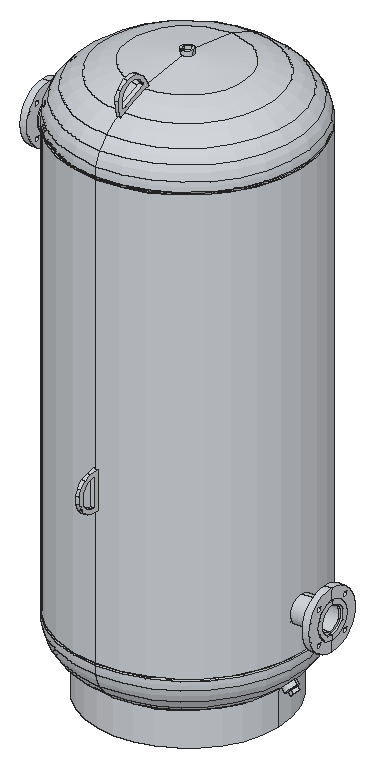
Revit family "HBT-120-3", category Generic Models, Revit 2014
Parameters (values of type "HBT-210-3")
  URL = "http://westank.com/"
  Tank Volume = 210.00 gal
  Part Number = 55622100
  Model = "HBT-210-3"
  Maximum Shipping Weight = 458 lbf
  Flange Connector Diameter = 3"
  F = 24"
  E = 15"
  Description = "Wessels ASME 2-Port Hot Water Buffer Tanks (HBT) are designed for use with today’s high efficiency systems that incorporate small modular low-mass boiler."
  D = 13 1/2"
  C = 38"
  B = 75"
  A = 30"
Reference planes (in)
  plane 1 "Center (Front/Back)": y = 0
  plane 2: z = 0
  plane 3 "Center (Left/Right)": x = 0
  plane 4: through (12.55282, -180, 5.24135) normal (0.8192, 0, -0.5736)
  plane 5: x = -15
  plane 6: x = 15
  plane 7: z = 0
  plane 8: y = 15
  plane 9: y = -15
  plane 10: x = -12
  plane 11: x = 12
  plane 12: z = 75
  plane 13: x = -19
  plane 14: x = 19
  plane 15: z = 15
  plane 16: z = 61.5
Forms (in)
  Revolve 1, solid
    sketch origin (0, -0.02461, 0) x (0, 1, 0) y (0, 0, 1)
      loop
        line (-14.97539, 9.87397) -> (-14.812, 9.87397)
        arc (-14.812, 9.87397) -> (-14.83596, 9.78454) -> (-14.90143, 9.71907) r 0.17887
        arc (-14.90143, 9.71907) -> (-14.94991, 9.64836) -> (-14.97579, 9.56662) r 0.29232
        arc (-14.97579, 9.56662) -> (-14.96586, 8.98455) -> (-14.89468, 8.40676) r 5.51955
        arc (-14.89468, 8.40676) -> (-14.65184, 7.56116) -> (-14.23912, 6.78419) r 4.22443
        arc (-14.23912, 6.78419) -> (-13.71208, 6.0842) -> (-13.11424, 5.44361) r 8.30764
        arc (-13.11424, 5.44361) -> (-11.99363, 4.5369) -> (-10.73315, 3.83755) r 8.30764
        arc (-10.73315, 3.83755) -> (-9.02248, 3.06195) -> (-7.23223, 2.49367) r 15.88746
        arc (-7.23223, 2.49367) -> (-3.63165, 1.79117) -> (0.02461, 1.49214) r 33.04234
        line (0.02461, 1.49214) -> (0.02461, 1.66407)
        arc (0.02461, 1.66407) -> (-3.61037, 1.96174) -> (-7.19, 2.66027) r 32.87047
        arc (-7.19, 2.66027) -> (-8.96351, 3.22342) -> (-10.65802, 3.99223) r 15.71558
        arc (-10.65802, 3.99223) -> (-11.8952, 4.67783) -> (-12.99495, 5.56734) r 8.13577
        arc (-12.99495, 5.56734) -> (-13.58042, 6.19468) -> (-14.09655, 6.88019) r 8.13577
        arc (-14.09655, 6.88019) -> (-14.49248, 7.62554) -> (-14.72544, 8.43674) r 4.05256
        arc (-14.72544, 8.43674) -> (-14.79395, 8.9901) -> (-14.80447, 9.54759) r 5.34767
        arc (-14.80447, 9.54759) -> (-14.7971, 9.56945) -> (-14.78569, 9.5895) r 0.12044
        arc (-14.78569, 9.5895) -> (-14.67439, 9.72277) -> (-14.64064, 9.89308) r 0.35074
        line (-14.64064, 9.89308) -> (-14.84715, 9.89308) -> (-14.84715, 66.61189) -> (-14.64151, 66.61189)
        arc (-14.64151, 66.61189) -> (-14.67184, 66.78882) -> (-14.78573, 66.92758) r 0.35074
        arc (-14.78573, 66.92758) -> (-14.79712, 66.94763) -> (-14.80449, 66.96948) r 0.12045
        arc (-14.80449, 66.96948) -> (-14.79397, 67.52697) -> (-14.72546, 68.08033) r 5.34768
        arc (-14.72546, 68.08033) -> (-14.4925, 68.89153) -> (-14.09657, 69.63689) r 4.05257
        arc (-14.09657, 69.63689) -> (-13.58043, 70.3224) -> (-12.99497, 70.94973) r 8.13578
        arc (-12.99497, 70.94973) -> (-11.89524, 71.83924) -> (-10.65807, 72.52483) r 8.13578
        arc (-10.65807, 72.52483) -> (-8.96355, 73.29364) -> (-7.19005, 73.85678) r 15.71558
        arc (-7.19005, 73.85678) -> (-3.61055, 74.55529) -> (0.02429, 74.85297) r 32.87045
        line (0.02429, 74.85297) -> (0.02429, 75.02671)
        arc (0.02429, 75.02671) -> (-3.63245, 74.72766) -> (-7.2335, 74.02507) r 33.04334
        arc (-7.2335, 74.02507) -> (-9.02402, 73.45667) -> (-10.73493, 72.68092) r 15.88853
        arc (-10.73493, 72.68092) -> (-11.99625, 71.98117) -> (-13.11754, 71.07383) r 8.30893
        arc (-13.11754, 71.07383) -> (-13.7162, 70.43239) -> (-14.24389, 69.7314) r 8.30923
        arc (-14.24389, 69.7314) -> (-14.65697, 68.95395) -> (-14.90005, 68.1078) r 4.22701
        arc (-14.90005, 68.1078) -> (-14.97148, 67.52727) -> (-14.98111, 66.94244) r 5.52257
        arc (-14.98111, 66.94244) -> (-14.95423, 66.85606) -> (-14.90267, 66.78173) r 0.29803
        arc (-14.90267, 66.78173) -> (-14.837, 66.7147) -> (-14.81302, 66.62397) r 0.18362
        line (-14.81302, 66.62397) -> (-14.97539, 66.62397) -> (-14.97539, 9.87397)
      axis (0.02461, 1.49214) -> (0.02461, 75.02671)
    angle from 0 to 360
  Revolve 2, solid
    sketch origin (0.00085, 0, 46.99877) x (-1, 0, 0) y (0, 0, 1)
      loop
        line (17.81367, 12.75376) -> (17.81367, 12.37446) -> (18.06367, 12.37446) -> (18.06367, 10.7502) -> (18.9375, 10.7502) -> (18.9375, 12.18553) -> (19, 12.18553) -> (19, 12.75376) -> (17.81367, 12.75376)
      axis (19, 14.50013) -> (17.81367, 14.50013)
    angle from 0 to 360
  Revolve 3, solid
    sketch origin (-1.82085, 0, 2.88409) x (0.981353, 0, -0.192215) y (0.192215, 0, 0.981353)
      loop
        line (14.71753, 6.11956) -> (14.66586, 6.1556) -> (14.25436, 5.56561) -> (14.86992, 5.13627) -> (15.24588, 5.6753) -> (15.19462, 5.71106) -> (15.31904, 5.88945) -> (14.80641, 6.24699) -> (14.71753, 6.11956)
      axis (14.25436, 5.56561) -> (14.86992, 5.13627)
    angle from 0 to 360
  Extrusion 4, solid
    sketch origin (13.38203, -180, 6.13049) x (0.718765, 0, 0.695254) y (0, -1, 0)
      loop
        line (-0.16036, -179.52645) -> (-0.95521, -179.68698) -> (-0.79485, -180.48095) -> (0, -180.32042) -> (-0.16036, -179.52645)
    from 1.02698 to 1.52678
  Extrusion 5, solid
    sketch origin (0, -3.06035, 6.47257) x (0, 1, 0) y (0, 0, 1)
      loop
        line (-11.93439, 21.33067) -> (-11.93439, 26.202)
        arc (-11.93439, 26.202) -> (-12.47846, 26.15164) -> (-13.01533, 26.05008) r 5.77422
        arc (-13.01533, 26.05008) -> (-13.49297, 25.89754) -> (-13.94252, 25.67548) r 3.35288
        arc (-13.94252, 25.67548) -> (-14.34081, 25.36666) -> (-14.64962, 24.96837) r 2.0073
        arc (-14.64962, 24.96837) -> (-14.80343, 24.58932) -> (-14.88788, 24.18906) r 2.30742
        arc (-14.88788, 24.18906) -> (-14.91277, 23.77188) -> (-14.88788, 23.3547) r 3.50846
        arc (-14.88788, 23.3547) -> (-14.79412, 22.92876) -> (-14.61961, 22.52904) r 2.24053
        arc (-14.61961, 22.52904) -> (-14.27401, 22.08806) -> (-13.80999, 21.77406) r 1.8078
        arc (-13.80999, 21.77406) -> (-13.34321, 21.55591) -> (-12.84107, 21.44044) r 2.44481
        arc (-12.84107, 21.44044) -> (-12.39043, 21.36326) -> (-11.93439, 21.33067) r 4.65484
      loop
        arc (-12.44611, 25.63929) -> (-12.67227, 25.60073) -> (-12.89654, 25.55235) r 5.2625
        arc (-12.89654, 25.55235) -> (-13.30128, 25.42308) -> (-13.68221, 25.23491) r 2.84116
        arc (-13.68221, 25.23491) -> (-13.97364, 25.01013) -> (-14.20134, 24.72098) r 1.49558
        arc (-14.20134, 24.72098) -> (-14.3163, 24.43235) -> (-14.37979, 24.12821) r 1.7957
        arc (-14.37979, 24.12821) -> (-14.40106, 23.77188) -> (-14.37979, 23.41555) r 2.99674
        arc (-14.37979, 23.41555) -> (-14.30745, 23.08689) -> (-14.17279, 22.77846) r 1.72881
        arc (-14.17279, 22.77846) -> (-13.91552, 22.45353) -> (-13.56884, 22.22643) r 1.29608
        arc (-13.56884, 22.22643) -> (-13.1779, 22.0402) -> (-12.75531, 21.94566) r 1.9331
        arc (-12.75531, 21.94566) -> (-12.60126, 21.91347) -> (-12.44611, 21.88716) r 4.14312
        line (-12.44611, 21.88716) -> (-12.44611, 25.63929)
    from -0.24366 to 0.25634
  Extrusion 6, solid
    sketch origin (0, -26.96034, 53.89612) x (0, 0.366501, -0.930418) y (0, 0.930418, 0.366501)
      loop
        arc (-12.0461, 25.71684) -> (-12.27227, 25.67827) -> (-12.49653, 25.62989) r 5.2625
        arc (-12.49653, 25.62989) -> (-12.90127, 25.50063) -> (-13.28221, 25.31246) r 2.84116
        arc (-13.28221, 25.31246) -> (-13.57363, 25.08767) -> (-13.80134, 24.79853) r 1.49558
        arc (-13.80134, 24.79853) -> (-13.9163, 24.50989) -> (-13.97979, 24.20576) r 1.7957
        arc (-13.97979, 24.20576) -> (-14.00105, 23.84943) -> (-13.97979, 23.4931) r 2.99674
        arc (-13.97979, 23.4931) -> (-13.90744, 23.16443) -> (-13.77279, 22.85601) r 1.72881
        arc (-13.77279, 22.85601) -> (-13.51552, 22.53108) -> (-13.16884, 22.30397) r 1.29608
        arc (-13.16884, 22.30397) -> (-12.77789, 22.11774) -> (-12.35531, 22.02321) r 1.9331
        arc (-12.35531, 22.02321) -> (-12.20126, 21.99102) -> (-12.0461, 21.9647) r 4.14312
        line (-12.0461, 21.9647) -> (-12.0461, 25.71684)
      loop
        line (-11.35288, 21.38896) -> (-11.35288, 26.23361)
        arc (-11.35288, 26.23361) -> (-12.2671, 26.20945) -> (-13.14349, 25.94808) r 3.48194
        arc (-13.14349, 25.94808) -> (-13.66357, 25.64991) -> (-14.11481, 25.25524) r 3.03185
        arc (-14.11481, 25.25524) -> (-14.39878, 24.60234) -> (-14.51622, 23.90011) r 2.91879
        arc (-14.51622, 23.90011) -> (-14.4511, 23.22451) -> (-14.20241, 22.59298) r 2.44012
        arc (-14.20241, 22.59298) -> (-13.8323, 22.13222) -> (-13.33474, 21.8133) r 1.83162
        arc (-13.33474, 21.8133) -> (-12.36478, 21.50319) -> (-11.35288, 21.38896) r 5.1769
    from -0.24366 to 0.25634
  Extrusion 7, solid
    sketch origin (0, 0, 3) x (1, 0, 0) y (0, 1, 0)
      loop
        circle (0, 0) r 0.75
      loop
        circle (0, 0) r 0.5
    from 71.36613 to 72.49354
  Extrusion 8, void
    sketch origin (0.00085, 0.13917, 47.41628) x (0, 1, 0) y (0, 0, -1)
      loop
        circle (1.95902, -16.21103) r 0.37532
      loop
        circle (2.0068, -11.95417) r 0.37532
      loop
        circle (-2.26242, -16.18597) r 0.37532
      loop
        circle (-2.23501, -11.97923) r 0.37532
    from 15.80097 to 20.25
  Extrusion 9, void
    sketch origin (0, 0, 0) x (1, 0, 0) y (0, 1, 0)
      loop
        circle (0, 0) r 0.5
    from 73.75623 to 76.19224
  Revolve 10, solid
    sketch origin (0, 0, 0) x (1, 0, 0) y (0, 0, 1)
      loop
        line (11.87609, 4.44941) -> (11.87609, 0) -> (12, 0) -> (12, 4.44941) -> (11.87609, 4.44941)
      axis (0, 4.44941) -> (0, 0)
    angle from 0 to 360
  Revolve 11, solid
    sketch origin (0.00085, 0, 46.99877) x (1, 0, 0) y (0, 0, 1)
      loop
        line (-14.37585, 12.96677) -> (-18.625, 12.96677) -> (-18.625, 12.74998) -> (-14.37585, 12.74998) -> (-14.37585, 12.96677)
      axis (-18.625, 14.50013) -> (-14.37585, 14.50013)
    angle from 0 to 360
  Extrusion 12, void
    sketch origin (0, 0, 0.75) x (0, 1, 0) y (0, 0, 1)
      loop
        circle (0, 14.25) r 1.53336
    from 9.02264 to 18.76515
  Revolve 13, solid
    sketch origin (0, 0, 0.49987) x (1, 0, 0) y (0, 0, 1)
      loop
        line (17.81367, 12.75376) -> (17.81367, 12.37446) -> (18.06367, 12.37446) -> (18.06367, 10.7502) -> (18.9375, 10.7502) -> (18.9375, 12.18553) -> (19, 12.18553) -> (19, 12.75376) -> (17.81367, 12.75376)
      axis (19, 14.50013) -> (17.81367, 14.50013)
    angle from 0 to 360
  Revolve 14, solid
    sketch origin (0, 0, 0.49987) x (-1, 0, 0) y (0, 0, 1)
      loop
        line (-14.37585, 12.96677) -> (-18.625, 12.96677) -> (-18.625, 12.74998) -> (-14.37585, 12.74998) -> (-14.37585, 12.96677)
      axis (-18.625, 14.50013) -> (-14.37585, 14.50013)
    angle from 0 to 360
  Extrusion 15, void
    sketch origin (0, 0, 0) x (0, 1, 0) y (0, 0, 1)
      loop
        circle (2.1264, 17.13304) r 0.37541
      loop
        circle (-2.14004, 17.13188) r 0.37062
      loop
        circle (-2.1373, 12.88615) r 0.35809
      loop
        circle (2.11492, 12.89404) r 0.36553
    from 14.37585 to 21.46755
  Extrusion 16, void
    sketch origin (-27, 0, 47.25) x (0, 1, 0) y (0, 0, 1)
      loop
        circle (0, 14.25) r 1.53336
    from 7.83757 to 18.76515
Cuts and joins
  joined: Extrusion 4, Extrusion 5, Extrusion 7
  Extrusion 8 cuts Revolve 2
  Extrusion 15 cuts Revolve 13
  Extrusion 16 cuts Revolve 14
  Extrusion 9, Extrusion 12, Extrusion 16 cuts Revolve 1
Dimensions and locks (in)
  equal spacing: plane 6, plane 3 "Center (Left/Right)", plane 5
  equal spacing: plane 8, plane 1 "Center (Front/Back)", plane 9
  "A": plane 8 to plane 9
  equal spacing: plane 11, plane 3 "Center (Left/Right)", plane 10
  "A": plane 6 to plane 5
  "F": plane 11 to plane 10
  "C": plane 14 to plane 13
  equal spacing: plane 14, plane 3 "Center (Left/Right)", plane 13
  "E": plane 15 to plane 7
  "D": plane 12 to plane 16
  "B": plane 12 to plane 7
  aligned and locked: plane 2 to level
  aligned and locked: Revolve 10 sketch curve to plane 3 "Center (Left/Right)"
Automatic sketch dimensions
  Revolve 1 sketch curve to Revolve 1 sketch curve = 0"  (x33)
  Revolve 1 sketch curve to plane 9 = 0"
  Revolve 1 sketch curve to plane 1 "Center (Front/Back)" = 0"  (x2)
  Revolve 1 sketch curve to Revolve 1 sketch curve = 0.01547"
  plane 9 to Revolve 1 sketch curve = 0.01547"
  Revolve 1 sketch curve to Revolve 1 sketch curve = 0.00578"
  Revolve 1 sketch curve to plane 9 = 0.12824"
  Revolve 1 sketch curve to Revolve 1 sketch curve = 0.03413"
  Revolve 1 sketch curve to Revolve 1 sketch curve = 9/256"
  Revolve 1 sketch curve to plane 9 = 0.28821"
  Revolve 1 sketch curve to plane 9 = 0.28822"
  Revolve 1 sketch curve to Revolve 1 sketch curve = 0.00078"
  Revolve 1 sketch curve to Revolve 1 sketch curve = 0.17151"
  Revolve 1 sketch curve to Revolve 1 sketch curve = 0.17135"
  Revolve 1 sketch curve to Revolve 1 sketch curve = 3.94929"
  Revolve 1 sketch curve to Revolve 1 sketch curve = 0.00287"
  Revolve 1 sketch curve to Revolve 1 sketch curve = 3.95216"
  Revolve 1 sketch curve to Revolve 1 sketch curve = 1.2728"
  Revolve 1 sketch curve to Revolve 1 sketch curve = 0.00246"
  Revolve 1 sketch curve to Revolve 1 sketch curve = 1.27526"
  Revolve 1 sketch curve to Revolve 1 sketch curve = 2.11145"
  Revolve 1 sketch curve to Revolve 1 sketch curve = 0.00084"
  Revolve 1 sketch curve to Revolve 1 sketch curve = 0.00187"
  Revolve 1 sketch curve to Revolve 1 sketch curve = 2.11171"
  plane 1 "Center (Front/Back)" to Revolve 1 sketch curve = 3.35442"
  Revolve 1 sketch curve to Revolve 1 sketch curve = 0.00082"
  plane 1 "Center (Front/Back)" to Revolve 1 sketch curve = 3.35353"
  plane 1 "Center (Front/Back)" to Revolve 1 sketch curve = 0.00031"
  Revolve 1 sketch curve to plane 1 "Center (Front/Back)" = 0.86039"
  Revolve 1 sketch curve to Revolve 1 sketch curve = 0.00067"
  Revolve 1 sketch curve to plane 1 "Center (Front/Back)" = 0.86116"
  level to Revolve 1 sketch curve = 1.49214"
  Revolve 1 sketch curve to Revolve 1 sketch curve = 0.17193"
  Revolve 1 sketch curve to plane 15 = 5.85634"
  Revolve 1 sketch curve to Revolve 1 sketch curve = 0.22592"
  Revolve 1 sketch curve to Revolve 1 sketch curve = 0.37656"
  Revolve 1 sketch curve to Revolve 1 sketch curve = 0.35376"
  Revolve 1 sketch curve to Revolve 1 sketch curve = 0.01911"  (x2)
  Revolve 1 sketch curve to Revolve 1 sketch curve = 2 7/128"
  plane 15 to Revolve 1 sketch curve = 2.89417"
  Revolve 1 sketch curve to Revolve 1 sketch curve = 16.62909"
  Revolve 1 sketch curve to Revolve 1 sketch curve = 7.47055"
  Revolve 1 sketch curve to Revolve 1 sketch curve = 0.00077"
  Revolve 1 sketch curve to plane 16 = 2.87712"
  Revolve 1 sketch curve to Revolve 1 sketch curve = 0.00068"
  plane 16 to Revolve 1 sketch curve = 3.59154"
  Revolve 1 sketch curve to Revolve 1 sketch curve = 0.00123"
  Revolve 1 sketch curve to Revolve 1 sketch curve = 0.00005"
  plane 16 to Revolve 1 sketch curve = 5.11189"
  Revolve 1 sketch curve to Revolve 1 sketch curve = 0.01209"
  Revolve 1 sketch curve to Revolve 1 sketch curve = 0.3749"
  Revolve 1 sketch curve to Revolve 1 sketch curve = 0.01007"
  Revolve 1 sketch curve to Revolve 1 sketch curve = 2.05124"
  Revolve 1 sketch curve to Revolve 1 sketch curve = 0.00348"
  Revolve 1 sketch curve to Revolve 1 sketch curve = 0.2261"
  Revolve 1 sketch curve to Revolve 1 sketch curve = 0.0033"
  Revolve 1 sketch curve to plane 12 = 0.14703"
  plane 12 to Revolve 1 sketch curve = 0.02671"
  plane 9 to Revolve 1 sketch curve = 0.0004"
  plane 9 to Revolve 1 sketch curve = 0.00572"
  Revolve 1 sketch curve to plane 9 = 0.07272"
  Revolve 1 sketch curve to plane 9 = 0.07396"
  Revolve 1 sketch curve to Revolve 1 sketch curve = 0.11808"
  Revolve 1 sketch curve to Revolve 1 sketch curve = 0.11729"
  Revolve 1 sketch curve to Revolve 1 sketch curve = 0.01876"
  Revolve 1 sketch curve to Revolve 1 sketch curve = 0.01878"
  Revolve 1 sketch curve to Revolve 1 sketch curve = 0.14732"
  Revolve 1 sketch curve to Revolve 1 sketch curve = 0.97903"
  Revolve 1 sketch curve to Revolve 1 sketch curve = 0.98231"
  Revolve 1 sketch curve to Revolve 1 sketch curve = 0.12257"
  Revolve 1 sketch curve to Revolve 1 sketch curve = 0.1193"
  Revolve 1 sketch curve to plane 12 = 2.31908"
  Revolve 1 sketch curve to Revolve 1 sketch curve = 2.26179"
  Revolve 1 sketch curve to Revolve 1 sketch curve = 0.07686"
  Revolve 1 sketch curve to Revolve 1 sketch curve = 0.07513"
  Revolve 1 sketch curve to Revolve 1 sketch curve = 5.63017"
  Revolve 1 sketch curve to Revolve 1 sketch curve = 1.88017"
  Revolve 2 sketch curve to plane 13 = 1.18718"
  Revolve 2 sketch curve to plane 13 = 0.93718"
  Revolve 2 sketch curve to plane 13 = 0.06335"
  Revolve 2 sketch curve to plane 13 = 0.00085"
  plane 16 to Revolve 2 sketch curve = 3.75103"
  Revolve 2 sketch curve to Revolve 2 sketch curve = 1.43534"
  Revolve 2 sketch curve to Revolve 2 sketch curve = 0.18892"
  Revolve 2 sketch curve to Revolve 2 sketch curve = 0.3793"
  plane 16 to Revolve 2 sketch curve = 0.0011"
  Revolve 2 sketch curve to plane 5 = 0.67006"
  Revolve 2 sketch curve to Revolve 2 sketch curve = 0.68278"
  plane 4 to Revolve 3 sketch curve = 0.35169"
  plane 11 to Revolve 3 sketch curve = 1.2375"
  Revolve 3 sketch curve to Revolve 3 sketch curve = 0.4115"
  Revolve 3 sketch curve to Revolve 3 sketch curve = 0.05167"
  Revolve 3 sketch curve to Revolve 3 sketch curve = 0.08888"
  Revolve 3 sketch curve to Revolve 3 sketch curve = 0.61556"
  Revolve 3 sketch curve to Revolve 3 sketch curve = 0.47709"
  Revolve 3 sketch curve to Revolve 3 sketch curve = 0.05126"
  Revolve 3 sketch curve to Revolve 3 sketch curve = 0.42934"
  Revolve 3 sketch curve to Revolve 3 sketch curve = 0.12768"
  Revolve 3 sketch curve to Revolve 3 sketch curve = 0"  (x2)
  Revolve 3 sketch curve to Revolve 3 sketch curve = 0.08905"
  plane 1 "Center (Front/Back)" to Extrusion 4 sketch curve = 0.31302"
  Extrusion 4 sketch curve to plane 1 "Center (Front/Back)" = 0.48095"
  Extrusion 4 sketch curve to Extrusion 4 sketch curve = 0.16036"  (x2)
  plane 1 "Center (Front/Back)" to Extrusion 4 sketch curve = 0.47355"
  Extrusion 4 sketch curve to Extrusion 4 sketch curve = 0.79485"
  Extrusion 4 sketch curve to plane 1 "Center (Front/Back)" = 0.32042"
  Extrusion 5 sketch curve to Extrusion 5 sketch curve = 0"  (x24)
  plane 9 to Extrusion 5 sketch curve = 1.10144"
  Extrusion 5 sketch curve to Extrusion 5 sketch curve = 0.11966"
  Extrusion 5 sketch curve to Extrusion 5 sketch curve = 0.25819"
  Extrusion 5 sketch curve to Extrusion 5 sketch curve = 17/256"
  Extrusion 5 sketch curve to Extrusion 5 sketch curve = 0.04958"
  plane 9 to Extrusion 5 sketch curve = 0.50646"
  plane 9 to Extrusion 5 sketch curve = 0.29731"
  Extrusion 5 sketch curve to plane 9 = 0.00526"
  Extrusion 5 sketch curve to plane 9 = 0.10864"
  Extrusion 5 sketch curve to plane 9 = 0.26481"
  Extrusion 5 sketch curve to plane 9 = 0.53533"
  plane 15 to Extrusion 5 sketch curve = 11.90619"
  Extrusion 5 sketch curve to Extrusion 5 sketch curve = 0.89706"
  Extrusion 5 sketch curve to Extrusion 5 sketch curve = 0.55648"
  Extrusion 5 sketch curve to Extrusion 5 sketch curve = 0.90165"
  Extrusion 5 sketch curve to Extrusion 5 sketch curve = 0.62139"
  Extrusion 5 sketch curve to Extrusion 5 sketch curve = 27/128"
  Extrusion 5 sketch curve to Extrusion 5 sketch curve = 0.15076"
  Extrusion 5 sketch curve to Extrusion 5 sketch curve = 0.24641"
  Extrusion 5 sketch curve to Extrusion 5 sketch curve = 0.04716"
  Extrusion 5 sketch curve to Extrusion 5 sketch curve = 0.0326"
  Extrusion 5 sketch curve to Extrusion 5 sketch curve = 1.7246"
  Extrusion 5 sketch curve to Extrusion 5 sketch curve = 0.34507"
  Extrusion 5 sketch curve to Extrusion 5 sketch curve = 0.21764"
  Extrusion 5 sketch curve to Extrusion 5 sketch curve = 1.12273"
  Extrusion 5 sketch curve to Extrusion 5 sketch curve = 0.78568"
  Extrusion 5 sketch curve to Extrusion 5 sketch curve = 0.24115"
  Extrusion 5 sketch curve to Extrusion 5 sketch curve = 0.2603"
  Extrusion 5 sketch curve to Extrusion 5 sketch curve = 0.60395"
  Extrusion 5 sketch curve to Extrusion 5 sketch curve = 0.51913"
  Extrusion 5 sketch curve to Extrusion 5 sketch curve = 0.44682"
  Extrusion 5 sketch curve to Extrusion 5 sketch curve = 0.44829"
  Extrusion 6 sketch curve to plane 12 = 0.73411"
  Extrusion 6 sketch curve to plane 9 = 5.26009"
  Extrusion 6 sketch curve to Extrusion 6 sketch curve = 0.03301"
  Extrusion 6 sketch curve to Extrusion 6 sketch curve = 0.08665"
  Extrusion 6 sketch curve to Extrusion 6 sketch curve = 0.34483"
  Extrusion 6 sketch curve to Extrusion 6 sketch curve = 17/256"
  Extrusion 6 sketch curve to Extrusion 6 sketch curve = 0.04958"
  Extrusion 6 sketch curve to Extrusion 6 sketch curve = 0.06885"
  Extrusion 6 sketch curve to Extrusion 6 sketch curve = 0.56197"
  Extrusion 6 sketch curve to Extrusion 6 sketch curve = 0.36028"
  Extrusion 6 sketch curve to Extrusion 6 sketch curve = 0.06601"
  Extrusion 6 sketch curve to Extrusion 6 sketch curve = 0.11815"
  Extrusion 6 sketch curve to Extrusion 6 sketch curve = 0.47821"
  Extrusion 6 sketch curve to Extrusion 6 sketch curve = 0.69323"
  Extrusion 6 sketch curve to Extrusion 6 sketch curve = 5/64"
  Extrusion 6 sketch curve to Extrusion 6 sketch curve = 0.07198"
  Extrusion 6 sketch curve to Extrusion 6 sketch curve = 0.07804"
  Extrusion 6 sketch curve to Extrusion 6 sketch curve = 0.59588"
  Extrusion 6 sketch curve to Extrusion 6 sketch curve = 0.3061"
  Extrusion 6 sketch curve to Extrusion 6 sketch curve = 0.31529"
  Extrusion 6 sketch curve to Extrusion 6 sketch curve = 0.0954"
  Extrusion 6 sketch curve to Extrusion 6 sketch curve = 0.80625"
  Extrusion 6 sketch curve to Extrusion 6 sketch curve = 0.57575"
  Extrusion 6 sketch curve to Extrusion 6 sketch curve = 0.87779"
  Extrusion 6 sketch curve to Extrusion 6 sketch curve = 0.00686"
  Extrusion 6 sketch curve to Extrusion 6 sketch curve = 0.20406"
  Extrusion 6 sketch curve to Extrusion 6 sketch curve = 0.59172"
  Extrusion 6 sketch curve to Extrusion 6 sketch curve = 0.09548"
  Extrusion 6 sketch curve to Extrusion 6 sketch curve = 0.07607"
  Extrusion 6 sketch curve to Extrusion 6 sketch curve = 0.15093"
  Extrusion 6 sketch curve to Extrusion 6 sketch curve = 0.04716"
  Extrusion 6 sketch curve to Extrusion 6 sketch curve = 0.0326"
  Extrusion 6 sketch curve to Extrusion 6 sketch curve = 1.7246"
  Extrusion 6 sketch curve to Extrusion 6 sketch curve = 0.34507"
  Extrusion 6 sketch curve to Extrusion 6 sketch curve = 0.1717"
  Extrusion 6 sketch curve to Extrusion 6 sketch curve = 0.33175"
  Extrusion 6 sketch curve to Extrusion 6 sketch curve = 0"  (x6)
  Extrusion 6 sketch curve to Extrusion 6 sketch curve = 0.1659"
  Extrusion 6 sketch curve to Extrusion 6 sketch curve = 0.13872"
  Extrusion 6 sketch curve to Extrusion 6 sketch curve = 0.42962"
  Extrusion 6 sketch curve to Extrusion 6 sketch curve = 0.51913"
  Extrusion 6 sketch curve to Extrusion 6 sketch curve = 0.31348"
  Extrusion 7 sketch curve to Extrusion 7 sketch curve = 0"  (x2)
  plane 1 "Center (Front/Back)" to Extrusion 7 sketch curve = 0"
  Extrusion 7 sketch curve to plane 3 "Center (Left/Right)" = 0"
  plane 1 "Center (Front/Back)" to Extrusion 8 sketch curve = 2.12326"
  plane 1 "Center (Front/Back)" to Extrusion 8 sketch curve = 2.09584"
  Extrusion 8 sketch curve to plane 1 "Center (Front/Back)" = 2.09819"
  Extrusion 8 sketch curve to plane 1 "Center (Front/Back)" = 2.14597"
  plane 16 to Extrusion 8 sketch curve = 2.12731"
  plane 16 to Extrusion 8 sketch curve = 2.10224"
  Extrusion 8 sketch curve to plane 16 = 2.10449"
  Extrusion 8 sketch curve to plane 16 = 2.12956"
  Extrusion 9 sketch curve to Extrusion 9 sketch curve = 0"  (x2)
  plane 1 "Center (Front/Back)" to Extrusion 9 sketch curve = 0"
  Extrusion 9 sketch curve to plane 3 "Center (Left/Right)" = 0"
  Extrusion 9 sketch curve to plane 3 "Center (Left/Right)" = 1/2"
  Revolve 10 sketch curve to level = 0"
  Revolve 10 sketch curve to plane 11 = 0"
  Revolve 10 sketch curve to plane 11 = 0.12391"
  level to Revolve 10 sketch curve = 4.44941"
  level to Revolve 10 sketch curve = 4.69941"
  Revolve 10 sketch curve to Revolve 10 sketch curve = 1"
  plane 13 to Revolve 11 sketch curve = 0.37585"
  plane 5 to Revolve 11 sketch curve = 5/8"
  Revolve 11 sketch curve to plane 16 = 1.75125"
  Revolve 11 sketch curve to Revolve 11 sketch curve = 0.2168"
  Revolve 11 sketch curve to plane 16 = 0.0011"
  plane 5 to Revolve 11 sketch curve = 0.5157"
  Revolve 11 sketch curve to Revolve 11 sketch curve = 0.36015"
  Extrusion 12 sketch curve to Extrusion 12 sketch curve = 0"  (x2)
  Extrusion 12 sketch curve to plane 1 "Center (Front/Back)" = 0"
  Extrusion 12 sketch curve to plane 15 = 0"
  Extrusion 12 sketch curve to Extrusion 12 sketch curve = 1.53336"
  Revolve 13 sketch curve to plane 15 = 0"
  Revolve 13 sketch curve to plane 14 = 0"
  Revolve 13 sketch curve to plane 14 = 1/16"
  Revolve 13 sketch curve to Revolve 13 sketch curve = 0.87383"
  Revolve 13 sketch curve to Revolve 13 sketch curve = 1/4"
  Revolve 13 sketch curve to plane 15 = 1.74637"
  Revolve 13 sketch curve to Revolve 13 sketch curve = 0.3793"
  Revolve 13 sketch curve to Revolve 13 sketch curve = 0.56823"
  Revolve 13 sketch curve to Revolve 13 sketch curve = 1.62426"
  Revolve 13 sketch curve to plane 6 = 0.66921"
  Revolve 13 sketch curve to Revolve 13 sketch curve = 0.68278"
  Revolve 14 sketch curve to plane 15 = 0"
  plane 14 to Revolve 14 sketch curve = 3/8"
  plane 6 to Revolve 14 sketch curve = 0.62415"
  plane 15 to Revolve 14 sketch curve = 1.53336"
  Revolve 14 sketch curve to Revolve 14 sketch curve = 0.2168"
  plane 6 to Revolve 14 sketch curve = 0.51485"
  Revolve 14 sketch curve to Revolve 14 sketch curve = 0.36015"
  plane 1 "Center (Front/Back)" to Extrusion 15 sketch curve = 2.14004"
  plane 1 "Center (Front/Back)" to Extrusion 15 sketch curve = 2.1373"
  Extrusion 15 sketch curve to plane 1 "Center (Front/Back)" = 2.11492"
  Extrusion 15 sketch curve to plane 1 "Center (Front/Back)" = 2.1264"
  Extrusion 15 sketch curve to plane 15 = 2.11385"
  Extrusion 15 sketch curve to plane 15 = 2.10596"
  plane 15 to Extrusion 15 sketch curve = 2.13188"
  plane 15 to Extrusion 15 sketch curve = 2.13304"
  Extrusion 16 sketch curve to Extrusion 16 sketch curve = 0"  (x2)
  Extrusion 16 sketch curve to plane 1 "Center (Front/Back)" = 0"
  Extrusion 16 sketch curve to plane 16 = 0"
  Extrusion 16 sketch curve to Extrusion 16 sketch curve = 1.53336"
  radius of Extrusion 7 sketch curve = 3/4"
  radius of Extrusion 7 sketch curve = 1/2"
  radius of Extrusion 8 sketch curve = 0.37532"  (x4)
  radius of Extrusion 15 sketch curve = 0.37541"
  radius of Extrusion 15 sketch curve = 0.37062"
  radius of Extrusion 15 sketch curve = 0.35809"
  radius of Extrusion 15 sketch curve = 0.36553"
Connectors (in)
  piping at (-18.99915, 0, 61.4989), diameter 3, driven by "Flange Connector Diameter"
    settings: on Revolve 2, index 1, connector inside diameter 24", connector length 0", flow factor 0, pipe flow 0 GPM, pressure drop 0.00 psi, fitting loss kfactor 0, connector angle 0.00°, fixture units 0, engagement length 0", angle of deflection 0.00°, flow configuration 0, flow direction 0, fitting loss method 0, system type 7, joint type 0, gender type 0, connector reference index -1, connector utility 0, adjustable connector no, is connector primary yes, connector description ""
  piping at (19, 0, 15), diameter 3, driven by "Flange Connector Diameter"
    settings: on Revolve 13, index 2, connector inside diameter 24", connector length 0", flow factor 0, pipe flow 0 GPM, pressure drop 0.00 psi, fitting loss kfactor 0, connector angle 0.00°, fixture units 0, engagement length 0", angle of deflection 0.00°, flow configuration 0, flow direction 0, fitting loss method 0, system type 7, joint type 0, gender type 0, connector reference index -1, connector utility 0, adjustable connector no, is connector primary no, connector description ""
